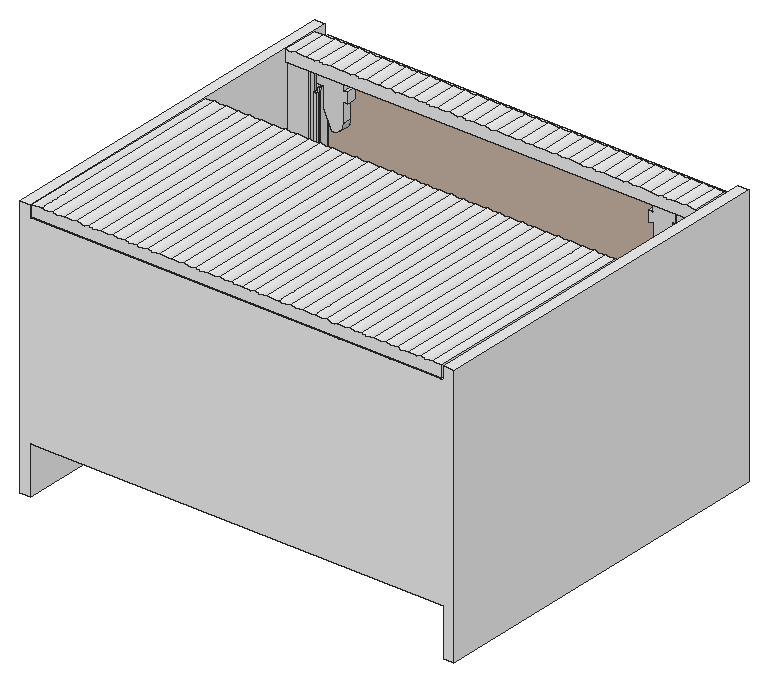
Revit family "Furniture-Wall_Mount-Vanity-KOHLER-Spacity-K-32162T_1", category Casework, host Face, Revit 2021 (continued)
Definition of nested family "K-32162T"
  Lines and regions (in)
    symbolic lines, detail levels medium+fine
      curve 245: arc (0.45887, 0, 7.82095) -> (0.4613, 0, 7.83603) -> (0.45222, 0, 7.84831) r 0.01969
      curve 246: arc (0.45222, 0, 7.84831) -> (0.23447, 0, 7.94085) -> (0, 0, 7.97244) r 0.88583
      curve 247: line (0, 0, 7.97244) -> (-0.09843, 0, 7.97244)
      curve 248: arc (-0.09843, 0, 7.97244) -> (-0.11234, 0, 7.96668) -> (-0.11811, 0, 7.95276) r 0.01969
      curve 249: line (-0.11811, 0, 7.95276) -> (-0.11811, 0, 7.57874)
      curve 250: arc (-0.11811, 0, 7.57874) -> (-0.11234, 0, 7.56482) -> (-0.09843, 0, 7.55906) r 0.01969
      curve 251: line (-0.09843, 0, 7.55906) -> (0, 0, 7.55906)
      curve 252: arc (0, 0, 7.55906) -> (0.13022, 0, 7.54075) -> (0.25036, 0, 7.48727) r 0.47244
      curve 253: line (-0.09843, 0, 7.91339) -> (0, 0, 7.91339)
      curve 254: line (0, 0, 7.91339) -> (0, 0, 7.59843)
      curve 255: line (0, 0, 7.59843) -> (-0.09843, 0, 7.59843)
      curve 256: line (-0.09843, 0, 7.59843) -> (-0.09843, 0, 7.91339)
      curve 257: circle (0, 0, 7.08591) r 0.08025 normal (0, -1, 0)
      curve 258: circle (-0.39393, 0, 7.87447) r 0.05991 normal (0, -1, 0)
      curve 259: line (-0.90551, 0, 16.33858) -> (-0.90551, 0, 16.41732)
      curve 260: line (12.67351, 0, 7.08661) -> (12.49972, 0, 7.08661)
      curve 261: line (12.66563, 0, 5.12205) -> (12.49185, 0, 5.12205)
      curve 262: line (-12.49185, 0, 5.12205) -> (-12.66563, 0, 5.12205)
      curve 263: line (-12.49972, 0, 7.08661) -> (-12.67351, 0, 7.08661)
      curve 264: line (3.55522, 8.75984, 0) -> (3.55522, 11.12205, 0)
      curve 265: line (3.53139, 8.75984, 0) -> (3.53139, 11.12205, 0)
      curve 266: line (4.34262, 8.75984, 0) -> (4.34262, 11.12205, 0)
      curve 267: line (4.3188, 8.75984, 0) -> (4.3188, 11.12205, 0)
      curve 268: line (5.13002, 8.75984, 0) -> (5.13002, 11.12205, 0)
      curve 269: line (5.1062, 8.75984, 0) -> (5.1062, 11.12205, 0)
      curve 270: line (5.91742, 8.75984, 0) -> (5.91742, 11.12205, 0)
      curve 271: line (5.8936, 8.75984, 0) -> (5.8936, 11.12205, 0)
      curve 272: line (6.70483, 8.75984, 0) -> (6.70483, 11.12205, 0)
      curve 273: line (6.681, 8.75984, 0) -> (6.681, 11.12205, 0)
      curve 274: line (7.49223, 8.75984, 0) -> (7.49223, 11.12205, 0)
      curve 275: line (7.4684, 8.75984, 0) -> (7.4684, 11.12205, 0)
      curve 276: line (8.26772, 8.75984, 0) -> (8.26772, 11.12205, 0)
      curve 277: line (9.05512, 8.75984, 0) -> (9.05512, 11.12205, 0)
      curve 278: line (9.84252, 8.75984, 0) -> (9.84252, 11.12205, 0)
      curve 279: line (12.99213, 8.75984, 0) -> (12.99213, 11.12205, 0)
      curve 280: line (12.20472, 8.75984, 0) -> (12.20472, 11.12205, 0)
      curve 281: line (11.41732, 8.75984, 0) -> (11.41732, 11.12205, 0)
      curve 282: line (-11.41732, -12.22441, 0) -> (-11.41732, 2.06693, 0)
      curve 283: line (-12.20472, -12.22441, 0) -> (-12.20472, 2.06693, 0)
      curve 284: line (-12.99213, -12.22441, 0) -> (-12.99213, 2.06693, 0)
      curve 285: line (13.44488, 0, 3.85827) -> (-13.44488, 0, 3.85827)
      curve 286: line (2.74399, 8.75984, 0) -> (2.74399, 11.12205, 0)
      curve 287: line (2.76782, 8.75984, 0) -> (2.76782, 11.12205, 0)
      curve 288: line (1.95659, 8.75984, 0) -> (1.95659, 11.12205, 0)
      curve 289: line (1.98042, 8.75984, 0) -> (1.98042, 11.12205, 0)
      curve 290: line (1.16919, 8.75984, 0) -> (1.16919, 11.12205, 0)
      curve 291: line (1.19301, 8.75984, 0) -> (1.19301, 11.12205, 0)
      curve 292: line (0.38179, 11.12205, 0) -> (0.38179, 8.75984, 0)
      curve 293: line (0.40561, 8.75984, 0) -> (0.40561, 11.12205, 0)
      curve 294: line (-3.55522, 8.75984, 0) -> (-3.55522, 11.12205, 0)
      curve 295: line (-3.53139, 8.75984, 0) -> (-3.53139, 11.12205, 0)
      curve 296: line (-4.34262, 8.75984, 0) -> (-4.34262, 11.12205, 0)
      curve 297: line (-4.3188, 8.75984, 0) -> (-4.3188, 11.12205, 0)
      curve 298: line (-5.13002, 8.75984, 0) -> (-5.13002, 11.12205, 0)
      curve 299: line (-5.1062, 8.75984, 0) -> (-5.1062, 11.12205, 0)
      curve 300: line (-5.91742, 8.75984, 0) -> (-5.91742, 11.12205, 0)
      curve 301: line (-5.8936, 8.75984, 0) -> (-5.8936, 11.12205, 0)
      curve 302: line (-6.70483, 8.75984, 0) -> (-6.70483, 11.12205, 0)
      curve 303: line (-6.681, 8.75984, 0) -> (-6.681, 11.12205, 0)
      curve 304: line (-7.49223, 8.75984, 0) -> (-7.49223, 11.12205, 0)
      curve 305: line (-7.4684, 8.75984, 0) -> (-7.4684, 11.12205, 0)
      curve 306: line (-8.26772, 8.75984, 0) -> (-8.26772, 11.12205, 0)
      curve 307: line (-9.05512, 8.75984, 0) -> (-9.05512, 11.12205, 0)
      curve 308: line (-9.84252, 8.75984, 0) -> (-9.84252, 11.12205, 0)
      curve 309: line (-12.99213, 8.75984, 0) -> (-12.99213, 11.12205, 0)
      curve 310: line (-12.20472, 8.75984, 0) -> (-12.20472, 11.12205, 0)
      curve 311: line (-11.41732, 8.75984, 0) -> (-11.41732, 11.12205, 0)
      curve 312: line (-2.74399, 8.75984, 0) -> (-2.74399, 11.12205, 0)
      curve 313: line (-2.76782, 8.75984, 0) -> (-2.76782, 11.12205, 0)
      curve 314: line (-1.95659, 8.75984, 0) -> (-1.95659, 11.12205, 0)
      curve 315: line (-1.98042, 8.75984, 0) -> (-1.98042, 11.12205, 0)
      curve 316: line (-1.16919, 8.75984, 0) -> (-1.16919, 11.12205, 0)
      curve 317: line (-1.19301, 8.75984, 0) -> (-1.19301, 11.12205, 0)
      curve 318: line (-0.38179, 11.12205, 0) -> (-0.38179, 8.75984, 0)
      curve 319: line (-0.40561, 8.75984, 0) -> (-0.40561, 11.12205, 0)
      curve 320: line (10.62746, 11.12205, 0) -> (10.62746, 8.75984, 0)
      curve 321: line (-10.62992, 8.75984, 0) -> (-10.62992, 11.12205, 0)
      curve 322: line (-10.62992, -12.22441, 0) -> (-10.62992, 2.06693, 0)
      curve 323: line (-9.84252, -12.22441, 0) -> (-9.84252, 2.06693, 0)
      curve 324: line (-9.05512, -12.22441, 0) -> (-9.05512, 2.06693, 0)
      curve 325: line (-8.26772, -12.22441, 0) -> (-8.26772, 2.06693, 0)
      curve 326: line (-7.49223, -12.22441, 0) -> (-7.49223, 2.06693, 0)
      curve 327: line (-7.4684, -12.22441, 0) -> (-7.4684, 2.06693, 0)
      curve 328: line (-6.70483, -12.22441, 0) -> (-6.70483, 2.06693, 0)
      curve 329: line (-6.681, -12.22441, 0) -> (-6.681, 2.06693, 0)
      curve 330: line (-5.91742, -12.22441, 0) -> (-5.91742, 2.06693, 0)
      curve 331: line (-5.8936, -12.22441, 0) -> (-5.8936, 2.06693, 0)
      curve 332: line (-5.13002, -12.22441, 0) -> (-5.13002, 2.06693, 0)
      curve 333: line (-5.1062, -12.22441, 0) -> (-5.1062, 2.06693, 0)
      curve 334: line (-4.34262, -12.22441, 0) -> (-4.34262, 2.06693, 0)
      curve 335: line (-4.3188, -12.22441, 0) -> (-4.3188, 2.06693, 0)
      curve 336: line (-3.55522, -12.22441, 0) -> (-3.55522, 2.06693, 0)
      curve 337: line (-3.53139, -12.22441, 0) -> (-3.53139, 2.06693, 0)
      curve 338: line (-2.76782, -12.22441, 0) -> (-2.76782, 2.06693, 0)
      curve 339: line (-2.74399, -12.22441, 0) -> (-2.74399, 2.06693, 0)
      curve 340: line (-1.98042, -12.22441, 0) -> (-1.98042, 2.06693, 0)
      curve 341: line (-1.95659, -12.22441, 0) -> (-1.95659, 2.06693, 0)
      curve 342: line (-1.19301, -12.22441, 0) -> (-1.19301, 2.06693, 0)
      curve 343: line (-1.16919, -12.22441, 0) -> (-1.16919, 2.06693, 0)
      curve 344: line (-0.40561, -12.22441, 0) -> (-0.40561, 2.06693, 0)
      curve 345: line (-0.38179, -12.22441, 0) -> (-0.38179, 2.06693, 0)
      curve 346: line (11.41732, -12.22441, 0) -> (11.41732, 2.06693, 0)
      curve 347: line (12.20472, -12.22441, 0) -> (12.20472, 2.06693, 0)
      curve 348: line (12.99213, -12.22441, 0) -> (12.99213, 2.06693, 0)
      curve 349: line (10.62992, -12.22441, 0) -> (10.62992, 2.06693, 0)
      curve 350: line (9.84252, -12.22441, 0) -> (9.84252, 2.06693, 0)
      curve 351: line (9.05512, -12.22441, 0) -> (9.05512, 2.06693, 0)
      curve 352: line (8.26772, -12.22441, 0) -> (8.26772, 2.06693, 0)
      curve 353: line (7.49223, -12.22441, 0) -> (7.49223, 2.06693, 0)
      curve 354: line (7.4684, -12.22441, 0) -> (7.4684, 2.06693, 0)
      curve 355: line (6.70483, -12.22441, 0) -> (6.70483, 2.06693, 0)
      curve 356: line (6.681, -12.22441, 0) -> (6.681, 2.06693, 0)
      curve 357: line (5.91742, -12.22441, 0) -> (5.91742, 2.06693, 0)
      curve 358: line (5.8936, -12.22441, 0) -> (5.8936, 2.06693, 0)
      curve 359: line (5.13002, -12.22441, 0) -> (5.13002, 2.06693, 0)
      curve 360: line (5.1062, -12.22441, 0) -> (5.1062, 2.06693, 0)
      curve 361: line (4.34262, -12.22441, 0) -> (4.34262, 2.06693, 0)
      curve 362: line (4.3188, -12.22441, 0) -> (4.3188, 2.06693, 0)
      curve 363: line (3.55522, -12.22441, 0) -> (3.55522, 2.06693, 0)
      curve 364: line (3.53139, -12.22441, 0) -> (3.53139, 2.06693, 0)
      curve 365: line (2.76782, -12.22441, 0) -> (2.76782, 2.06693, 0)
      curve 366: line (2.74399, -12.22441, 0) -> (2.74399, 2.06693, 0)
      curve 367: line (1.98042, -12.22441, 0) -> (1.98042, 2.06693, 0)
      curve 368: line (1.95659, -12.22441, 0) -> (1.95659, 2.06693, 0)
      curve 369: line (1.19301, -12.22441, 0) -> (1.19301, 2.06693, 0)
      curve 370: line (1.16919, -12.22441, 0) -> (1.16919, 2.06693, 0)
      curve 371: line (0.40561, -12.22441, 0) -> (0.40561, 2.06693, 0)
      curve 372: line (0.38179, -12.22441, 0) -> (0.38179, 2.06693, 0)
  Dimensions and locks (in)
    plane 1 "Center (Front/Back)" to plane 5 = 12.30315"
    aligned and locked: plane 2 to level
Types (3): name | Type | Secondary Finish | Model | Product Finish | Finish
  (no name) | 1 | KOHLER-Melamine-MRL | "K-32162T-PPW" | KOHLER-Wood-PPW-White | "PPW-White"
  PPW-White | 1 | KOHLER-Melamine-MRL | "K-32162T-PPW" | KOHLER-Wood-PPW-White | "PPW-White"
  PPG-Black | 2 | KOHLER-Melamine-MRH | "K-32162T-PPG" | KOHLER-Wood-PPG-Black | "PPG-Black"
